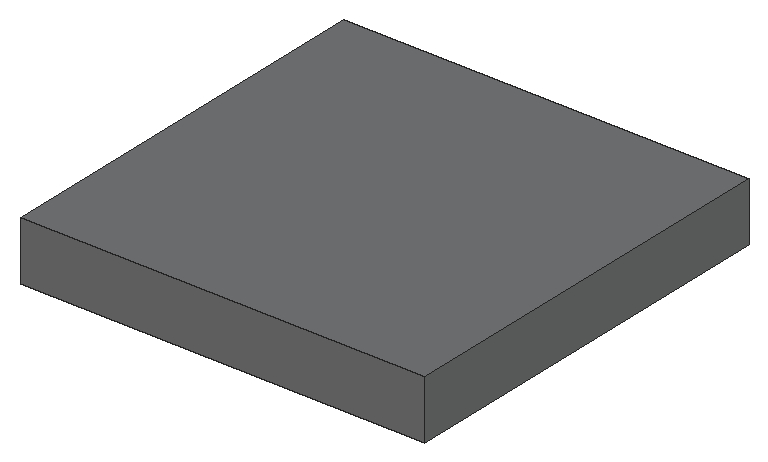
Revit family "Gira_027626", category Electrical Fixtures, host Face, Revit 2017
Family settings
  Host = Face
  Maintain Annotation Orientation = No
  Round Connector Dimension = Use Diameter
  Part Type = Normal
  Cut with Voids When Loaded = No
  Shared = No
  Room Calculation Point = No
Parameters (values of type "Abd. TAE USB System 55 F Alu")
  Zusammenstellung = "Zentralplatte"
  Werkstoffgüte = "sonstige"
  Werkstoff = "Kunststoff"
  Verwendung = "TAE"
  URL = "http://katalog.gira.de/de_DE/datenblatt.html?artikelnr=027626"
  Transparent = "No"
  Tragring = "No"
  Region = "DE"
  Oberfläche = "sonstige"
  Name = "Abd. TAE USB System 55 F Alu"
  Montageart = "unter Putz"
  Mit Zugentlastung = "No"
  Mit Staubschutz = "No"
  Mit Klappdeckel = "No"
  Mit Aufdruck = "No"
  Manufacturer URL = "https://www.gira.de/"
  Lüsterklemme = "No"
  Keynote = "Sys55_Abdeckung_Schalten und Tasten"
  HeinzeBIM = "https://bimportal.heinze.de/bim/abd-tae-usb-system-55-f-alu/66237a025a6626443667818682d5835d04163b60"
  Halogenfrei = "No"
  HAN = "027626"
  Geeignet für Schutzart (IP) = "IP20"
  GTIN = "4010337276265"
  Farbe = "aluminium"
  Default Elevation = 1219.2 mm
  Data sheet (1) = "https://katalog.gira.de/de_DE/download.html?artikelnr=027626"
  Category = "Einsatz/Abdeckung für Kommunikationstechnik"
  Beschriftungsfeld = "ohne Beschriftungsfeld"
  Befestigungsart = "Befestigung mit Schraube"
  Available = "Yes"
  Ausführung der Oberfläche = "nicht zutreffend"
  Anthrazit [instance] = Anthrazit
Reference planes
  plane 1 "Center (Front/Back)": y = 0
  plane 2: z = 0
  plane 3 "Center (Left/Right)": x = 0
Forms (mm)
  Extrusion 1, solid, material "Anthrazit" <- "Anthrazit", detail levels fine
    sketch origin (0, 0, 0) x (1, 0, 0) y (0, 1, 0)
      loop
        line (-27.5, 27.5) -> (-27.5, -27.5) -> (27.5, -27.5) -> (27.5, 27.5) -> (-27.5, 27.5)
    from 0 to 8
  Extrusion 2, void
    sketch origin (0, 0, 0) x (1, 0, 0) y (0, 1, 0)
      loop
        line (26, 26) -> (-26, 26) -> (-26, -26) -> (26, -26) -> (26, 26)
    from 0 to 6
  Extrusion 3, solid, material "Anthrazit" <- "Anthrazit", detail levels medium
    sketch origin (0, 0, 0) x (1, 0, 0) y (0, 1, 0)
      loop
        line (-27.5, 27.5) -> (-27.5, -27.5) -> (27.5, -27.5) -> (27.5, 27.5) -> (-27.5, 27.5)
    from 0 to 8
  Extrusion 4, solid, material "Anthrazit" <- "Anthrazit", detail levels medium
    sketch origin (0, 0, 0) x (1, 0, 0) y (0, 1, 0)
      loop
        line (11, -17.5) -> (11, 17.5) -> (-11, 17.5) -> (-11, -17.5) -> (11, -17.5)
    from -6 to 6
  Extrusion 5, solid, material "Anthrazit" <- "Anthrazit", detail levels fine
    sketch origin (0, 0, 0) x (1, 0, 0) y (0, 1, 0)
      loop
        line (11, 17.5) -> (-11, 17.5) -> (-11, 16.5) -> (11, 16.5) -> (11, 17.5)
      loop
        line (-11, -16.5) -> (-11, -17.5) -> (11, -17.5) -> (11, -16.5) -> (-11, -16.5)
    from -4 to 6
  Extrusion 6, solid, material "Anthrazit" <- "Anthrazit", detail levels fine
    sketch origin (0, 0, 0) x (1, 0, 0) y (0, 1, 0)
      loop
        arc (5, 9.347) -> (0, 10.6) -> (-5, 9.347) r 10.6
        line (-5, 9.347) -> (-5, -9.347)
        arc (-5, -9.347) -> (0, -10.6) -> (5, -9.347) r 10.6
        line (5, -9.347) -> (5, 9.347)
    from -6 to 6
  Extrusion 7, solid, material "Anthrazit" <- "Anthrazit", detail levels coarse
    sketch origin (0, 0, 0) x (1, 0, 0) y (0, 1, 0)
      loop
        line (-27.5, 27.5) -> (-27.5, -27.5) -> (27.5, -27.5) -> (27.5, 27.5) -> (-27.5, 27.5)
    from -6 to 8
Cuts and joins
  Extrusion 2 cuts Extrusion 1
Dimensions and locks
  aligned and locked: plane 2 to host face
  aligned and locked: level to host face
